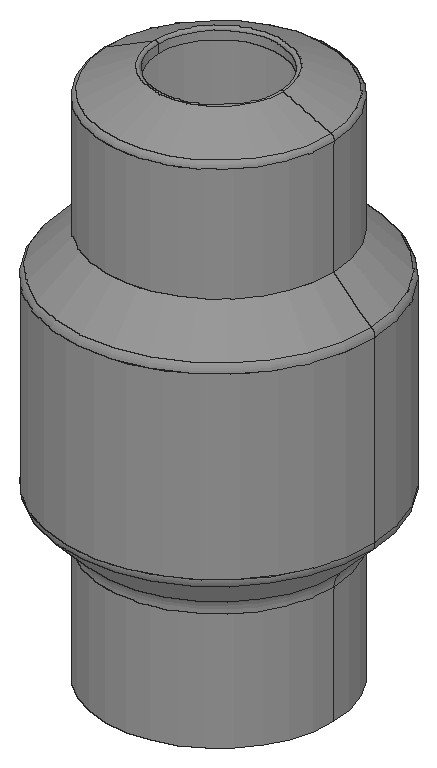
Revit family "Parsa Vase(Jam Factory)", category Generic Models, Revit 2021
Family settings
  Can host rebar = No
  Round Connector Dimension = Use Diameter
  Part Type = Normal
  Work Plane-Based = No
  Always vertical = Yes
  Cut with Voids When Loaded = No
  Shared = No
  Room Calculation Point = No
Parameters
  Default Elevation = 0 mm
Reference planes
  plane 1 "Center (Front/Back)": y = 0
  plane 2: z = 0
  plane 3 "Center (Left/Right)": x = 0
Forms (mm)
  Sweep 1, solid, material "BLUEBERRY.1 (JF)"
    path in 3D
      loop
        arc (22, 0, 0) -> (0, 22, 0) -> (-22, 0, 0) r 22
        arc (-22, 0, 0) -> (0, -22, 0) -> (22, 0, 0) r 22
    profile origin (0, -22, 0) x (0, -1, 0) y (0, 0, -1)
      loop
        line (28.64, 0) -> (23.64, 0) -> (23.64, -58.603) -> (41.318, -76.281) -> (41.318, -157.138) -> (23.64, -174.816) -> (23.64, -226.554) -> (4.872, -235.306) -> (4.872, -239.044)
        arc (4.872, -239.044) -> (5.396, -240) -> (6.484, -240.071) r 1.134
        line (6.484, -240.071) -> (26.98, -230.514)
        arc (26.98, -230.514) -> (28.19, -229.453) -> (28.64, -227.907) r 2.876
        line (28.64, -227.907) -> (28.64, -176.887) -> (44.854, -160.674)
        arc (44.854, -160.674) -> (45.938, -159.052) -> (46.318, -157.138) r 5
        line (46.318, -157.138) -> (46.318, -76.281)
        arc (46.318, -76.281) -> (45.938, -74.367) -> (44.854, -72.745) r 5
        line (44.854, -72.745) -> (31.237, -59.129)
        arc (31.237, -59.129) -> (29.315, -56.252) -> (28.64, -52.859) r 8.867
        line (28.64, -52.859) -> (28.64, 0)
  Extrusion 2, solid, material "BLUEBERRY.1 (JF)"
    sketch origin (0, 0, 0) x (1, 0, 0) y (0, 1, 0)
      loop
        circle (0, 0) r 45.64
    from 0 to 2
Lines and regions (mm)
  sketch lines
    curve 1: arc (-22, 0, 0) -> (0, -22, 0) -> (22, 0, 0) r 22
    curve 2: arc (22, 0, 0) -> (0, 22, 0) -> (-22, 0, 0) r 22
Dimensions and locks
  aligned and locked: level to plane 2
